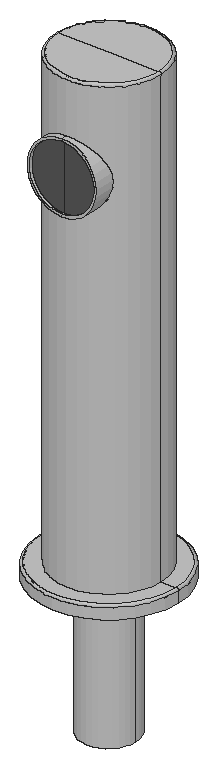
Revit family "Plumbing-Fix_Faucet_Stern_Tubular", category Plumbing Fixtures, host Face, Revit 2026
Family settings
  Host = Face
  Round Connector Dimension = Use Diameter
  Part Type = Normal
  Classification Number = 23.45.55.14
  Enable Cutting in Views = No
  Cut with Voids When Loaded = No
  Maintain Annotation Orientation = No
  Shared = No
  Room Calculation Point = No
Parameters (values of type "Battery Pack 1.58 GPM")
  Waste Connection = no
  Warranty Duration (Years) = 2
  WFU = 0
  Vent Connection = no
  Unit Width = 0' - 2"
  Unit Height = 0' - 0"
  URL = "http://www.sternfaucets.com/"
  Type Comments = "as Specified"
  Standards Conformance = "as Specified"
  Spout Reach = 0' - 0"
  Spout Height = 0' - 2 1/4"
  Specification = ""
  SpecWizard = ""
  Sales Information = "http://www.sternfaucets.com/contact-us/contact-us-int-l.html"
  Revision = "R1_2018-04"
  Product Properties = ""
  Product Features = "as Specified"
  Product Data = "http://www.arcat.com/arcatcos/cos50/arc50092.html"
  Power Supply = "6x AA Battery Pack"
  Piping_Inlet Diameter = 1/2"
  Piping_Flow = 0 GPM
  Operating Temperature Range = "Up to 149 F / 65 C"
  Operating Pressure Range = "7.26 - 116 PSI  ;  0.5 - 8 bar"
  Model = "Tubular Touch B"
  Manufacturer Website = "http://www.sternfaucets.com/"
  Manufacturer Phone - Toll Free = "800-436-4410"
  Manufacturer Phone = ""
  Manufacturer Fax = ""
  Manufacturer Address = "777 Passaic Ave.  Clifton, NJ 07012"
  Manufacturer = "Stern Engineering"
  Maintenance Schedule (Months) = 0
  Keynote = "22 40 00"
  Installation Phase = ""
  HWFU = 1
  HW Connection = yes
  Green Building-LEED = ""
  Fixture Finish [instance] = Finish - Stern - Chrome
  Expected Lifespan (Years) = 0
  Drawn By = "Sumex Design, Inc. / Robert S. Weygant, CSI, CDT, SCIP"
  Description = "Stern Wall Mounted Faucet - Tubular Touch B as Specified"
  Default Elevation = 0' - 0"
  Cost = 0
  Copyright = "©Arcat Inc."
  Construction Details = ""
  CWFU = 1
  CW Connection = yes
  Body Construction = ""
  Available Options = "as Specified"
  Assembly Code = "D2010300"
  Accent Color [instance] = Finish - Stern - Black
Types (10): name | Power Supply | Model | Description
  Battery Pack 1.58 GPM | "6x AA Battery Pack" | "Tubular Touch B" | "Stern Wall Mounted Faucet - Tubular Touch B as Specified"
  Battery Pack 1 GPM | "6x AA Battery Pack" | "Tubular Touch B" | "Stern Wall Mounted Faucet - Tubular Touch B as Specified"
  Battery Pack 0.8 GPM | "6x AA Battery Pack" | "Tubular Touch B" | "Stern Wall Mounted Faucet - Tubular Touch B as Specified"
  Battery Pack 0.5 GPM | "6x AA Battery Pack" | "Tubular Touch B" | "Stern Wall Mounted Faucet - Tubular Touch B as Specified"
  Battery Pack 0.35 GPM | "6x AA Battery Pack" | "Tubular Touch B" | "Stern Wall Mounted Faucet - Tubular Touch B as Specified"
  Transformer 1.58 GPM | "9V Transformer" | "Tubular Touch E" | "Stern Wall Mounted Faucet - Tubular Touch E as Specified"
  Transformer 1 GPM | "9V Transformer" | "Tubular Touch E" | "Stern Wall Mounted Faucet - Tubular Touch E as Specified"
  Transformer 0.8 GPM | "9V Transformer" | "Tubular Touch E" | "Stern Wall Mounted Faucet - Tubular Touch E as Specified"
  Transformer 0.5 GPM | "9V Transformer" | "Tubular Touch E" | "Stern Wall Mounted Faucet - Tubular Touch E as Specified"
  Transformer 0.35 GPM | "9V Transformer" | "Tubular Touch E" | "Stern Wall Mounted Faucet - Tubular Touch E as Specified"
Reference planes (in)
  plane 1 "Center (Front/Back)": y = 0
  plane 2: z = 0
  plane 3 "Center (Left/Right)": x = 0
  plane 4: z = 5.5
Forms (in)
  Extrusion 1, solid, material "Finish - Stern - Chrome" <- "Fixture Finish"
    sketch origin (0, 0, 0) x (1, 0, 0) y (0, 1, 0)
      loop
        circle (0, 0) r 0.39132
    from 0 to -2
  Revolve 2, solid, material "Finish - Stern - Chrome" <- "Fixture Finish"
    sketch origin (0, 0, 0) x (1, 0, 0) y (0, 0, 1)
      loop
        line (0, 0) -> (0, 6.75) -> (-0.71875, 6.75)
        arc (-0.71875, 6.75) -> (-0.74085, 6.74085) -> (-0.75, 6.71875) r 0.03125
        line (-0.75, 6.71875) -> (-0.75, 0.1875) -> (-0.96875, 0.1875)
        arc (-0.96875, 0.1875) -> (-0.99085, 0.17835) -> (-1, 0.15625) r 0.03125
        line (-1, 0.15625) -> (-1, 0) -> (0, 0)
      axis (0, 6.75) -> (0, 0)
    angle from 0 to 360
  Revolve 3, solid, material "Finish - Stern - Chrome" <- "Fixture Finish"
    sketch origin (0, 0.14844, -3.5) x (0, 1, 0) y (0, 0, 1)
      loop
        line (-0.53976, 9) -> (-0.53976, 9.5) -> (-0.98763, 9.5) -> (-0.98763, 9.46875) -> (-0.95638, 9.46875) -> (-0.95638, 9) -> (-0.53976, 9)
      axis (-0.98763, 9) -> (-0.53976, 9)
    angle from 0 to 360
Dimensions and locks (in)
  aligned and locked: plane 2 to host face
  aligned and locked: level to host face
Connectors (in)
  piping at (0, 0, -2), diameter 0.5, driven by "Piping_Flow", driven by "Piping_Inlet Diameter"
    settings: on Extrusion 1, index 2, connector inside diameter 24", connector length 0' - 0", flow factor 0, pipe flow 0 GPM, pressure drop 0.00 psi, fitting loss kfactor 0, connector angle 0.00°, fixture units 0, engagement length 0' - 0", angle of deflection 0.00°, flow configuration 0, flow direction 1, fitting loss method 0, system type 22, joint type 0, gender type 0, connector reference index -1, connector utility 0, adjustable connector no, is connector primary yes, connector description "Tempered Inlet"
  electrical at (0, 0, 0)
    settings: on Revolve 2, index 3, voltage 0 V, apparent load 0 VA, apparent load phase1 0 VA, apparent load phase2 0 VA, apparent load phase3 0 VA, power factor 1, load classification "Other", number of poles 1, system type 13, power factor state 1, is connector primary yes, connector utility no, sub classification motor no, connector description ""
